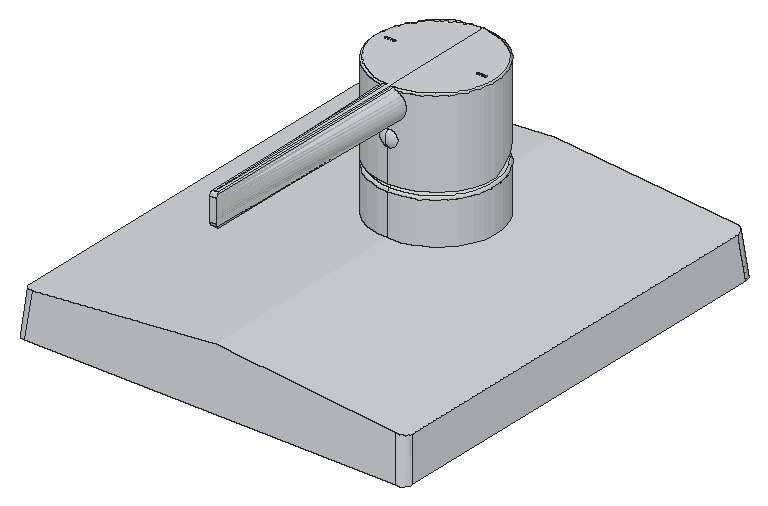
Revit family "Shower-Valve_Trim-KOHLER-STANCE-K-10317T_1", category Specialty Equipment, host Face, Revit 2017
Family settings
  Host = Face
  Round Connector Dimension = Use Diameter
  Part Type = Normal
  OmniClass Number = 23.31.25.00
  OmniClass Title = Toilet and Bath Specialties
  Cut with Voids When Loaded = No
  Shared = No
  Room Calculation Point = No
Parameters (values of type "CP-Polished Chrome")
  Width = 6 77/256"  # constant formula
  WaterSense Certified = 1 = 0  # no
  URL = "http://www.kohler.com.cn/"
  Type = 1
  Product Page URL = "https://www.kohler.com.cn/en/product/K-10317T-4-CP/K-10317T-4-CP/"
  Product Name = "STANCE"  # constant formula
  Product Documentation Link = "https://files.kohler.com.cn/pdfs/9105T.pdf"
  Model = if(Type = 1, "K-10317T-4-CP", if(Type = 2, "K-10317T-4-2BL", "NA"))  # "K-10317T-4-CP"
  Material = "Premium Metal Construction"  # constant formula
  Master Format 2014 Name = "Toilet, Bath, and Laundry Accessories"  # constant formula
  Master Format 2014 = "10 28 00"  # constant formula
  Manufacturer Address = "Kohler Beijing Office (100016) 36-2-03-B, No. 88, Liuxiang Road, Beijing"  # constant formula
  Manufacturer = "KOHLER Co."  # constant formula
  Length = 3 37/256"  # constant formula
  Height = 7 3/128"  # constant formula
  Handle Clearance = 4 125/256"  # constant formula
  Finish = Kohler-Metal-CP-Polished_Chrome
  Environmental Product Declaration = ""
  Description = "Recessed Shower Trim"  # constant formula
  Default Elevation = 42"
  Declare Label = ""
  Date Modified = "06/09/2021"  # constant formula
  Date Created = "06/09/2021"  # constant formula
  Copyright = "Copyright KOHLER Co."  # constant formula
  Contact Us = "http://www.kohler.com.cn/contact/contact-us/"
  Assembly Code = "C1030200"
  ADA Compliant = 1 = 0  # no
Types (3): name | Type | Product Page URL | Model | Finish
  (no name) | 1 | "https://www.kohler.com.cn/en/product/K-10317T-4-CP/K-10317T-4-CP/" | "K-10317T-4-CP" | Kohler-Metal-CP-Polished_Chrome
  CP-Polished Chrome | 1 | "https://www.kohler.com.cn/en/product/K-10317T-4-CP/K-10317T-4-CP/" | "K-10317T-4-CP" | Kohler-Metal-CP-Polished_Chrome
  2BL-Original Black | 2 | "https://www.kohler.com.cn/en/product/K-10317T-4-CP/K-10317T-4-2BL/" | "K-10317T-4-2BL" | Kohler-Metal-2BL-Original_Black
Reference planes (in)
  plane 1 "Center (Front/Back)": y = 0
  plane 2: z = 0
  plane 3 "Center (Left/Right)": x = 0
  plane 4: y = 3.51181
  plane 5: x = -3.14961
  plane 6: x = 3.15117
  plane 7: y = -3.51163
  plane 8: y = 1.0435
  plane 9: z = 3.14453
  plane 10: y = -3.44479
  plane 11: z = 0.94423
  plane 12: y = 2.00806
  plane 13: y = 0.07893
Dimensions and locks (in)
  "Width": plane 5 to plane 6
  "Height": plane 7 to plane 4
  "Length": level to plane 9
  "Handle Clearance": plane 8 to plane 10
  aligned and locked: plane 2 to host face
  aligned and locked: level to host face
  aligned and locked: plane 4 to nested 1
  aligned and locked: plane 5 to nested 1
  aligned and locked: plane 6 to nested 1
  aligned and locked: plane 7 to nested 1
  aligned and locked: plane 8 to nested 1
  aligned and locked: plane 9 to nested 1
  aligned and locked: plane 10 to nested 1
Automatic sketch dimensions
  host sketch curve to host sketch curve = 96"  (x2)
Nested families (in)
  nested 1: "K-10317T" at (0, 0, -0.00114), type "K-10317T"
Definition of nested family "K-10317T"
  Parameters (values of type "K-10317T")
    Material = none
  Reference planes (in)
    plane 1 "Center (Front/Back)": y = 0
    plane 2: z = 0
    plane 3 "Center (Left/Right)": x = 0
    plane 4: x = -3.14961
    plane 5: x = 3.14961
    plane 6: y = 3.51181
    plane 7: y = -3.51181
    plane 8: z = 3.14567
    plane 9: y = 1.0435
    plane 10: y = -3.44469
  Forms (in)
    SweptBlend 1, solid, material <- "Material", detail levels medium+fine
      path origin (0, 0, 0) x (0, 1, 0) y (0, 0, 1)
        loop
          line (0, 0) -> (0, 0.97089)
      profile origin (0, 0, 0) x (0, -1, 0) y (1, 0, 0)
        loop
          arc (-3.51181, -2.99213) -> (-3.46569, -3.10348) -> (-3.35433, -3.14961) r 0.15748
          line (-3.35433, -3.14961) -> (3.35433, -3.14961)
          arc (3.35433, -3.14961) -> (3.46569, -3.10348) -> (3.51181, -2.99213) r 0.15748
          line (3.51181, -2.99213) -> (3.51181, 2.99213)
          arc (3.51181, 2.99213) -> (3.46569, 3.10348) -> (3.35433, 3.14961) r 0.15748
          line (3.35433, 3.14961) -> (-3.35433, 3.14961)
          arc (-3.35433, 3.14961) -> (-3.46569, 3.10348) -> (-3.51181, 2.99213) r 0.15748
          line (-3.51181, 2.99213) -> (-3.51181, -2.99213)
      end profile origin (0, 0, 0.97089) x (0, -1, 0) y (1, 0, 0)
        loop
          line (-3.25135, -3.0585) -> (3.25031, -3.0585)
          arc (3.25031, -3.0585) -> (3.36166, -3.01237) -> (3.40779, -2.90102) r 0.15748
          line (3.40779, -2.90102) -> (3.40779, 2.90195)
          arc (3.40779, 2.90195) -> (3.36166, 3.01331) -> (3.25031, 3.05943) r 0.15748
          line (3.25031, 3.05943) -> (-3.25135, 3.05943)
          arc (-3.25135, 3.05943) -> (-3.3627, 3.01331) -> (-3.40883, 2.90195) r 0.15748
          line (-3.40883, 2.90195) -> (-3.40883, -2.90102)
          arc (-3.40883, -2.90102) -> (-3.3627, -3.01237) -> (-3.25135, -3.0585) r 0.15748
    Extrusion 2, void
      sketch origin (0, 0, 0) x (1, 0, 0) y (0, 0, 1)
        loop
          line (3.44666, 0.61168) -> (3.44666, 1.77165) -> (-3.63996, 1.77165) -> (-3.63996, 0.5728)
          arc (-3.63996, 0.5728) -> (-0.09859, 0.9451) -> (3.44666, 0.61168) r 17.96701
      from -3.87438 to 3.92553
    Revolve 3, solid, material <- "Material", detail levels medium+fine
      sketch origin (0, 0, 0) x (0, 1, 0) y (0, 0, 1)
        loop
          arc (2.00806, 1.61417) -> (1.99842, 1.64183) -> (1.97366, 1.65749) r 0.04447
          line (1.97366, 1.65749) -> (1.90887, 1.67485)
          arc (1.90887, 1.67485) -> (1.86709, 1.70258) -> (1.85052, 1.74991) r 0.07874
          arc (1.85052, 1.74991) -> (1.8243, 1.94398) -> (1.7521, 2.12602) r 0.80691
          line (1.7521, 2.12602) -> (1.0435, 2.12602) -> (1.0435, 0.55122) -> (2.00806, 0.55122) -> (2.00806, 1.61417)
        axis (1.0435, 2.12602) -> (1.0435, 0.55122)
      angle from 0 to 360
    Revolve 4, solid, material <- "Material", detail levels medium+fine
      sketch origin (0, 0, 0) x (0, 1, 0) y (0, 0, 1)
        loop
          line (1.0435, 3.14567) -> (0.10255, 3.14567)
          arc (0.10255, 3.14567) -> (0.08585, 3.13875) -> (0.07893, 3.12205) r 0.02362
          line (0.07893, 3.12205) -> (0.07893, 1.72835) -> (1.0435, 1.72835) -> (1.0435, 3.14567)
        axis (1.0435, 3.14567) -> (1.0435, 1.72835)
      angle from 0 to 360
    Extrusion 5, void
      sketch origin (0, 0, 0) x (0, 1, 0) y (0, 0, 1)
        loop
          line (2.1427, 2.21774) -> (1.0435, 1.72835) -> (2.1427, 1.72835) -> (2.1427, 2.21774)
      from -1.3047 to 1.57566
    Revolve 6, solid, material <- "Material", detail levels medium+fine
      sketch origin (0, 0, 0) x (0, 1, 0) y (0, 0, 1)
        loop
          line (0.02369, 2.39877) -> (0.14305, 2.39877) -> (0.14305, 2.57284)
          arc (0.14305, 2.57284) -> (0.05655, 2.5042) -> (0.02369, 2.39877) r 0.1875
        axis (0.02369, 2.39877) -> (0.14305, 2.39877)
      angle from 0 to 360
    SweptBlend 7, solid, material <- "Material", detail levels medium+fine
      path origin (0, 0, 0) x (0, 1, 0) y (0, 0, 1)
        loop
          line (0.19685, 3.14567) -> (-3.44469, 3.14567)
      profile origin (0, 0.19685, 3.14567) x (0, 0, -1) y (1, 0, 0)
        loop
          line (0, 0) -> (0, -0.04537)
          arc (0, -0.04537) -> (0.00129, -0.06349) -> (0.00514, -0.08125) r 0.12784
          arc (0.00514, -0.08125) -> (0.2502, -0.26477) -> (0.49498, -0.08086) r 0.25511
          arc (0.49498, -0.08086) -> (0.49874, -0.0634) -> (0.5, -0.04558) r 0.12642
          line (0.5, -0.04558) -> (0.5, 0) -> (0.5, 0.04558)
          arc (0.5, 0.04558) -> (0.49874, 0.0634) -> (0.49498, 0.08086) r 0.12642
          arc (0.49498, 0.08086) -> (0.2502, 0.26477) -> (0.00514, 0.08125) r 0.25511
          arc (0.00514, 0.08125) -> (0.00129, 0.06349) -> (0, 0.04537) r 0.12784
          line (0, 0.04537) -> (0, 0)
      end profile origin (0, -3.44469, 3.14567) x (0, 0, -1) y (1, 0, 0)
        loop
          line (0.48031, 0.055) -> (0.01969, 0.055)
          arc (0.01969, 0.055) -> (0.00577, 0.04923) -> (0, 0.03531) r 0.01969
          line (0, 0.03531) -> (0, -0.03531)
          arc (0, -0.03531) -> (0.00577, -0.04923) -> (0.01969, -0.055) r 0.01969
          line (0.01969, -0.055) -> (0.48031, -0.055)
          arc (0.48031, -0.055) -> (0.49423, -0.04923) -> (0.5, -0.03531) r 0.01969
          line (0.5, -0.03531) -> (0.5, 0.03531)
          arc (0.5, 0.03531) -> (0.49423, 0.04923) -> (0.48031, 0.055) r 0.01969
    Extrusion 8, void
      sketch origin (0, 0, 0) x (0, 1, 0) y (0, 0, 1)
        loop
          arc (-3.44469, 3.08465) -> (-3.42682, 3.1278) -> (-3.38367, 3.14567) r 0.06102
          line (-3.38367, 3.14567) -> (-3.47406, 3.14567) -> (-3.47406, 2.64567) -> (-3.38367, 2.64567)
          arc (-3.38367, 2.64567) -> (-3.42682, 2.66354) -> (-3.44469, 2.70669) r 0.06102
          line (-3.44469, 2.70669) -> (-3.44469, 3.08465)
      from -0.28579 to 0.32613
    Extrusion 9, solid, material <- "Material", detail levels coarse
      sketch origin (0, 0, 0) x (1, 0, 0) y (0, 1, 0)
        loop
          line (-3.14961, 3.51181) -> (-3.14961, -3.51181) -> (3.14961, -3.51181) -> (3.14961, 3.51181) -> (-3.14961, 3.51181)
      from 0 to 0.94454
    Revolve 10, solid, material <- "Material", detail levels coarse
      sketch origin (0, 0, 0) x (0, 1, 0) y (0, 0, 1)
        loop
          line (1.0435, 3.15182) -> (1.0435, 0.75453) -> (2.00807, 0.75453) -> (2.00807, 3.15182) -> (1.0435, 3.15182)
        axis (1.0435, 3.15182) -> (1.0435, 0.75453)
      angle from 0 to 360
    Extrusion 11, solid, material <- "Material", detail levels coarse
      sketch origin (0, 0, 0) x (1, 0, 0) y (0, 0, 1)
        loop
          arc (-0.06835, 3.14078) -> (0, 2.64472) -> (0.06835, 3.14078) r 0.25274
          arc (0.06835, 3.14078) -> (0.05077, 3.14444) -> (0.03285, 3.14567) r 0.13126
          line (0.03285, 3.14567) -> (-0.03285, 3.14567)
          arc (-0.03285, 3.14567) -> (-0.05077, 3.14444) -> (-0.06835, 3.14078) r 0.13126
      from -0.21491 to 3.44469
    Extrusion 12, void
      sketch origin (0, 0, 0) x (1, 0, 0) y (0, 1, 0)
        loop
          arc (-0.80244, 1.05649) -> (-0.81543, 1.0435) -> (-0.80244, 1.0305) r 0.01299
          line (-0.80244, 1.0305) -> (-0.67345, 1.0305)
          arc (-0.67345, 1.0305) -> (-0.66046, 1.0435) -> (-0.67345, 1.05649) r 0.01299
          line (-0.67345, 1.05649) -> (-0.80244, 1.05649)
        loop
          line (0.80244, 1.05649) -> (0.67345, 1.05649)
          arc (0.67345, 1.05649) -> (0.66046, 1.0435) -> (0.67345, 1.0305) r 0.01299
          line (0.67345, 1.0305) -> (0.80244, 1.0305)
          arc (0.80244, 1.0305) -> (0.81543, 1.0435) -> (0.80244, 1.05649) r 0.01299
      from 3.04683 to 9.84252
    Extrusion 13, solid, detail levels medium+fine
      sketch origin (0, 0, 0) x (1, 0, 0) y (0, 1, 0)
        loop
          arc (0.80244, 1.0305) -> (0.81543, 1.0435) -> (0.80244, 1.05649) r 0.01299
          line (0.80244, 1.05649) -> (0.67345, 1.05649)
          arc (0.67345, 1.05649) -> (0.66046, 1.0435) -> (0.67345, 1.0305) r 0.01299
          line (0.67345, 1.0305) -> (0.80244, 1.0305)
      from 3.04683 to 3.14567
    Extrusion 14, solid, detail levels medium+fine
      sketch origin (0, 0, 0) x (1, 0, 0) y (0, 1, 0)
        loop
          arc (-0.67345, 1.0305) -> (-0.66046, 1.0435) -> (-0.67345, 1.05649) r 0.01299
          line (-0.67345, 1.05649) -> (-0.80244, 1.05649)
          arc (-0.80244, 1.05649) -> (-0.81543, 1.0435) -> (-0.80244, 1.0305) r 0.01299
          line (-0.80244, 1.0305) -> (-0.67345, 1.0305)
      from 3.04683 to 3.14567
  Cuts and joins
    Extrusion 2 cuts SweptBlend 1
    Extrusion 5, Extrusion 12 cuts Revolve 4
    Extrusion 8 cuts SweptBlend 7
    joined: SweptBlend 1, Revolve 3, Revolve 4, Revolve 6, SweptBlend 7
    joined: Extrusion 9, Revolve 10
  Lines and regions (in)
    Masking region 1
      outline origin (0, 0, 0) x (1, 0, 0) y (0, 1, 0)
        loop
          arc (-2.99213, 3.51181) -> (-3.10348, 3.46569) -> (-3.14961, 3.35433) r 0.15748
          line (-3.14961, 3.35433) -> (-3.14961, -3.35433)
          arc (-3.14961, -3.35433) -> (-3.10348, -3.46569) -> (-2.99213, -3.51181) r 0.15748
          line (-2.99213, -3.51181) -> (2.99213, -3.51181)
          arc (2.99213, -3.51181) -> (3.10348, -3.46569) -> (3.14961, -3.35433) r 0.15748
          line (3.14961, -3.35433) -> (3.14961, 3.35433)
          arc (3.14961, 3.35433) -> (3.10348, 3.46569) -> (2.99213, 3.51181) r 0.15748
          line (2.99213, 3.51181) -> (-2.99213, 3.51181)
    Masking region 2
      outline origin (0, 0, 0) x (1, 0, 0) y (0, 0, 1)
        loop
          arc (0, 3.14567) -> (-0.48288, 3.13454) -> (-0.96457, 3.09892) r 9.51304
          line (-0.96457, 3.09892) -> (-0.96457, 1.72835) -> (-0.81032, 1.72835)
          arc (-0.81032, 1.72835) -> (-0.83074, 1.69429) -> (-0.86538, 1.67485) r 0.07739
          line (-0.86538, 1.67485) -> (-0.93225, 1.65693)
          arc (-0.93225, 1.65693) -> (-0.95556, 1.64135) -> (-0.96457, 1.61481) r 0.0436
          line (-0.96457, 1.61481) -> (-0.96457, 0.91946)
          arc (-0.96457, 0.91946) -> (-2.02202, 0.83123) -> (-3.07241, 0.68073) r 17.96701
          arc (-3.07241, 0.68073) -> (-3.08577, 0.67343) -> (-3.09191, 0.65951) r 0.02362
          line (-3.09191, 0.65951) -> (-3.14961, 0) -> (0, 0) -> (3.14961, 0) -> (3.09191, 0.65951)
          arc (3.09191, 0.65951) -> (3.08577, 0.67343) -> (3.07241, 0.68073) r 0.02362
          arc (3.07241, 0.68073) -> (2.02202, 0.83123) -> (0.96457, 0.91946) r 17.96701
          line (0.96457, 0.91946) -> (0.96457, 1.61481)
          arc (0.96457, 1.61481) -> (0.95556, 1.64135) -> (0.93225, 1.65693) r 0.0436
          line (0.93225, 1.65693) -> (0.86538, 1.67485)
          arc (0.86538, 1.67485) -> (0.83074, 1.69429) -> (0.81032, 1.72835) r 0.07739
          line (0.81032, 1.72835) -> (0.96457, 1.72835) -> (0.96457, 3.09892)
          arc (0.96457, 3.09892) -> (0.48288, 3.13454) -> (0, 3.14567) r 9.51304
    Masking region 3
      outline origin (0, 0, 0) x (0, 1, 0) y (0, 0, 1)
        loop
          arc (2.00806, 1.61417) -> (1.99842, 1.64183) -> (1.97366, 1.65749) r 0.04447
          line (1.97366, 1.65749) -> (1.90887, 1.67485)
          arc (1.90887, 1.67485) -> (1.86709, 1.70258) -> (1.85052, 1.74991) r 0.07874
          arc (1.85052, 1.74991) -> (1.83296, 1.90742) -> (1.78496, 2.05847) r 0.80691
          line (1.78496, 2.05847) -> (2.00806, 2.1578) -> (2.00806, 3.1255)
          arc (2.00806, 3.1255) -> (2.00216, 3.13976) -> (1.98789, 3.14567) r 0.02017
          line (1.98789, 3.14567) -> (-3.38367, 3.14567)
          arc (-3.38367, 3.14567) -> (-3.42682, 3.1278) -> (-3.44469, 3.08465) r 0.06102
          line (-3.44469, 3.08465) -> (-3.44469, 2.70669)
          arc (-3.44469, 2.70669) -> (-3.42682, 2.66354) -> (-3.38367, 2.64567) r 0.06102
          line (-3.38367, 2.64567) -> (0.00236, 2.64567)
          arc (0.00236, 2.64567) -> (0.0565, 2.62324) -> (0.07893, 2.5691) r 0.07657
          line (0.07893, 2.5691) -> (0.07893, 2.53106)
          arc (0.07893, 2.53106) -> (0.02362, 2.39877) -> (0.07893, 2.26649) r 0.18584
          line (0.07893, 2.26649) -> (0.07893, 1.72835) -> (0.23318, 1.72835)
          arc (0.23318, 1.72835) -> (0.21261, 1.69443) -> (0.17812, 1.67485) r 0.07874
          line (0.17812, 1.67485) -> (0.11333, 1.65749)
          arc (0.11333, 1.65749) -> (0.08858, 1.64183) -> (0.07893, 1.61417) r 0.04447
          line (0.07893, 1.61417) -> (0.07893, 0.94488) -> (-3.4095, 0.94488)
          arc (-3.4095, 0.94488) -> (-3.42398, 0.93925) -> (-3.43086, 0.92531) r 0.02144
          line (-3.43086, 0.92531) -> (-3.51181, 0) -> (3.51181, 0) -> (3.43081, 0.92589)
          arc (3.43081, 0.92589) -> (3.42413, 0.93941) -> (3.41007, 0.94488) r 0.02081
          line (3.41007, 0.94488) -> (2.00806, 0.94488) -> (2.00806, 1.61417)
    symbolic lines, detail levels medium+fine
      curve 1: line (-3.09164, 3.29431, 0) -> (-3.09164, -3.29431, 0)
      curve 2: line (3.09164, 3.29431, 0) -> (3.09164, -3.29431, 0)
      curve 3: arc (-2.93188, 3.45177, 0) -> (0, 3.43057, 0) -> (2.93188, 3.45177, 0) r 202.72732
      curve 4: arc (-2.93188, -3.45177, 0) -> (-1.49325, -3.43607, 0) -> (-0.05455, -3.43058, 0) r 202.72732
      curve 5: arc (-2.93188, 3.45177, 0) -> (-3.04471, 3.40646, 0) -> (-3.09164, 3.29431, 0) r 0.15748
      curve 6: arc (2.93188, 3.45177, 0) -> (3.04471, 3.40646, 0) -> (3.09164, 3.29431, 0) r 0.15748
      curve 7: arc (2.93188, -3.45177, 0) -> (3.04471, -3.40646, 0) -> (3.09164, -3.29431, 0) r 0.15748
      curve 8: arc (-3.09164, -3.29431, 0) -> (-3.04471, -3.40646, 0) -> (-2.93188, -3.45177, 0) r 0.15748
      curve 9: arc (-2.9422, -3.4319, 0) -> (-1.4987, -3.41609, 0) -> (-0.05512, -3.41056, 0) r 202.74734
      curve 10: arc (2.92676, -3.43167, 0) -> (3.03112, -3.3955, 0) -> (3.0754, -3.29431, 0) r 0.1378
      curve 11: line (3.0754, 3.29431, 0) -> (3.0754, -3.29431, 0)
      curve 12: arc (2.93561, 3.43209, 0) -> (3.03433, 3.39244, 0) -> (3.0754, 3.29431, 0) r 0.1378
      curve 13: arc (-2.92873, 3.43209, 0) -> (0.00344, 3.41088, 0) -> (2.93561, 3.43209, 0) r 202.74701
      curve 14: arc (-2.92873, 3.43209, 0) -> (-3.02745, 3.39244, 0) -> (-3.06852, 3.29431, 0) r 0.1378
      curve 15: line (-3.06852, 3.29431, 0) -> (-3.06852, -3.29458, 0)
      curve 16: arc (-3.06852, -3.29458, 0) -> (-3.03214, -3.38787, 0) -> (-2.9422, -3.4319, 0) r 0.1378
      curve 17: line (-2.9327, -3.45178, 0) -> (-2.99273, -3.51181, 0)
      curve 18: line (-3.09164, -3.29697, 0) -> (-3.14961, -3.35493, 0)
      curve 19: line (-3.14961, 3.35493, 0) -> (-3.09164, 3.29696, 0)
      curve 20: line (-2.99273, 3.51181, 0) -> (-2.9327, 3.45178, 0)
      curve 21: line (3.14961, 3.35493, 0) -> (3.09164, 3.29696, 0)
      curve 22: line (2.99273, 3.51181, 0) -> (2.9327, 3.45178, 0)
      curve 23: line (2.99273, -3.51181, 0) -> (2.9327, -3.45178, 0)
      curve 24: line (3.09164, -3.29697, 0) -> (3.14961, -3.35493, 0)
      curve 25: arc (-0.21349, 0.10285, 0) -> (-0.95857, 1.15091, 0) -> (0, 2.00806, 0) r 0.96457
      curve 26: arc (0, 2.00806, 0) -> (0.95857, 1.15091, 0) -> (0.21349, 0.10285, 0) r 0.96457
      curve 27: arc (0.26408, 0.08414, 0) -> (0, 2.03854, 0) -> (-0.26408, 0.08414, 0) r 0.99504
      curve 28: line (-0.03531, -3.38564, 0) -> (0.03531, -3.38564, 0)
      curve 29: line (-0.03531, -3.44469, 0) -> (-0.03531, 0, 0)
      curve 30: arc (-0.03531, 0, 0) -> (-0.11899, 0.07643, 0) -> (-0.2212, 0.12538, 0) r 0.38742
      curve 31: line (-0.05512, -3.42858, 0) -> (-0.05512, 0, 0)
      curve 32: arc (-0.05512, 0, 0) -> (-0.12766, 0.06166, 0) -> (-0.21349, 0.10285, 0) r 0.37144
      curve 33: line (0, -0.05887, 0) -> (-0.05512, -0.05887, 0)
      curve 34: arc (0.2212, 0.12538, 0) -> (0, 1.98788, 0) -> (-0.2212, 0.12538, 0) r 0.94438
      curve 35: arc (-0.31261, 0.13099, 0) -> (-0.27285, 0.10113, 0) -> (-0.25944, 0.05325, 0) r 0.07743
      curve 36: arc (-0.25944, 0.05325, 0) -> (-0.21568, -0.6633, 0) -> (-0.16301, -1.37924, 0) r 57.6726
      curve 37: arc (-0.16301, -1.37924, 0) -> (-0.10175, -2.3518, 0) -> (-0.05512, -3.32518, 0) r 64.77325
      curve 38: arc (-0.03531, -3.38564, 0) -> (-0.04993, -3.40489, 0) -> (-0.05512, -3.4285, 0) r 0.05629
      curve 39: line (-0.039, -3.44469, 0) -> (0, -3.44469, 0)
      curve 40: arc (-0.039, -3.44469, 0) -> (-0.0504, -3.43997, 0) -> (-0.05512, -3.42858, 0) r 0.01611
      curve 41: arc (0.05512, -3.41056, 0) -> (1.49097, -3.41603, 0) -> (2.92676, -3.43167, 0) r 202.74734
      curve 42: arc (0.05477, -3.43058, 0) -> (1.49337, -3.43607, 0) -> (2.93188, -3.45177, 0) r 202.72732
      curve 43: arc (-0.25944, 0.05325, 0) -> (-0.16029, 0.021, 0) -> (-0.05764, 0.00275, 0) r 0.75284
      curve 44: line (0.03531, -3.38564, 0) -> (-0.03531, -3.38564, 0)
      curve 45: line (0.03531, -3.44469, 0) -> (0.03531, 0, 0)
      curve 46: arc (0.03531, 0, 0) -> (0.11899, 0.07643, 0) -> (0.2212, 0.12538, 0) r 0.38742
      curve 47: line (0.05512, -3.42713, 0) -> (0.05512, 0, 0)
      curve 48: arc (0.05512, 0, 0) -> (0.12766, 0.06166, 0) -> (0.21349, 0.10285, 0) r 0.37144
      curve 49: line (0, -0.05887, 0) -> (0.05512, -0.05887, 0)
      curve 50: arc (0.31261, 0.13099, 0) -> (0.27285, 0.10113, 0) -> (0.25944, 0.05325, 0) r 0.07743
      curve 51: arc (0.25944, 0.05325, 0) -> (0.21568, -0.6633, 0) -> (0.16301, -1.37924, 0) r 57.6726
      curve 52: arc (0.16301, -1.37924, 0) -> (0.10175, -2.3518, 0) -> (0.05512, -3.32518, 0) r 64.77325
      curve 53: arc (0.03531, -3.38564, 0) -> (0.04965, -3.4043, 0) -> (0.0551, -3.42718, 0) r 0.05629
      curve 54: line (0.03755, -3.44469, 0) -> (0, -3.44469, 0)
      curve 55: arc (0.25944, 0.05325, 0) -> (0.16029, 0.021, 0) -> (0.05764, 0.00275, 0) r 0.75284
      curve 56: arc (0.05512, -3.42713, 0) -> (0.04997, -3.43955, 0) -> (0.03755, -3.44469, 0) r 0.01757
      curve 57: arc (0.96462, 0, 3.08115) -> (0.48284, 0, 3.1149) -> (0, 0, 3.126) r 10.2834
      curve 58: spline (0.96457, 0, 1.72835) -> (0.9317, 0, 1.83958) -> (0.83534, 0, 1.94324) -> (0.68205, 0, 2.03225) -> (0.48228, 0, 2.10055) -> (0.24965, 0, 2.14349) -> (0, 0, 2.15813) -> (-0.24965, 0, 2.14349) -> (-0.48228, 0, 2.10055) -> (-0.68205, 0, 2.03225) -> (-0.83534, 0, 1.94324) -> (-0.9317, 0, 1.83958) -> (-0.96457, 0, 1.72835)
      curve 59: spline (0.91339, 0, 1.72835) -> (0.88226, 0, 1.8245) -> (0.79102, 0, 1.9141) -> (0.64586, 0, 1.99104) -> (0.45669, 0, 2.05008) -> (0.2364, 0, 2.08719) -> (0, 0, 2.09985) -> (-0.2364, 0, 2.08719) -> (-0.45669, 0, 2.05008) -> (-0.64586, 0, 1.99104) -> (-0.79102, 0, 1.9141) -> (-0.88226, 0, 1.8245) -> (-0.91339, 0, 1.72835)
      curve 60: arc (0.7876, 0, 1.91587) -> (0.80238, 0, 1.82252) -> (0.81032, 0, 1.72835) r 1.29608
      curve 61: line (0.80912, 0, 1.74968) -> (0, 0, 1.74968)
      curve 62: line (0.87122, 0, 1.67485) -> (-0.00013, 0, 1.67485)
      curve 63: line (0.93016, 0, 1.65749) -> (0, 0, 1.65749)
      curve 64: line (0.96457, 0, 1.60236) -> (0, 0, 1.60236)
      curve 65: arc (0.96457, 0, 0.91946) -> (0.48246, 0, 0.93889) -> (0, 0, 0.94537) r 17.96701
      curve 66: arc (1.03603, 0, 0.9133) -> (0.51814, 0, 0.92954) -> (0, 0, 0.92684) r 14.16638
      curve 67: line (2.99273, 0, 0) -> (2.93142, 0, 0.70066)
      curve 68: arc (-0.96462, 0, 3.08115) -> (-0.48284, 0, 3.1149) -> (0, 0, 3.126) r 10.2834
      curve 69: arc (-0.7876, 0, 1.91587) -> (-0.80238, 0, 1.82252) -> (-0.81032, 0, 1.72835) r 1.29608
      curve 70: line (-0.80912, 0, 1.74968) -> (0, 0, 1.74968)
      curve 71: line (-0.87122, 0, 1.67485) -> (-0.00013, 0, 1.67485)
      curve 72: line (-0.93016, 0, 1.65749) -> (0, 0, 1.65749)
      curve 73: line (-0.96457, 0, 1.60236) -> (0, 0, 1.60236)
      curve 74: arc (-0.96457, 0, 0.91946) -> (-0.48246, 0, 0.93889) -> (0, 0, 0.94537) r 17.96701
      curve 75: line (-2.99273, 0, 0) -> (-2.93142, 0, 0.70071)
      curve 76: line (0, 2.00806, 2.1578) -> (0, 1.0435, 1.72835)
      curve 77: line (0, 0.11333, 1.65749) -> (0, 1.97366, 1.65749)
      curve 78: line (0, 1.91491, 1.67323) -> (0, 0.17208, 1.67323)
      curve 79: line (0, 0.07893, 0.94537) -> (0, 2.00806, 0.94537)
      curve 80: line (0, -3.28859, 0.68021) -> (0, 3.2974, 0.68021)
      curve 81: spline (0, 3.43154, 0.69953) -> (0, 3.42676, 0.69703) -> (0, 3.42052, 0.69463) -> (0, 3.41287, 0.69234) -> (0, 3.40389, 0.69019) -> (0, 3.39368, 0.68821) -> (0, 3.38233, 0.6864) -> (0, 3.36996, 0.68479) -> (0, 3.35669, 0.6834) -> (0, 3.34266, 0.68223) -> (0, 3.328, 0.68131) -> (0, 3.31287, 0.68063) -> (0, 3.2974, 0.68021)
      curve 82: spline (0, -3.43149, 0.70011) -> (0, -3.42668, 0.69745) -> (0, -3.42022, 0.6949) -> (0, -3.41218, 0.69247) -> (0, -3.40265, 0.6902) -> (0, -3.39175, 0.68811) -> (0, -3.37958, 0.68623) -> (0, -3.3663, 0.68457) -> (0, -3.35204, 0.68316) -> (0, -3.33697, 0.682) -> (0, -3.32125, 0.68112) -> (0, -3.30506, 0.68052) -> (0, -3.28859, 0.68021)
      curve 83: line (0, -3.29697, 0.66253) -> (0, -3.35493, 0)
      curve 84: line (0, 3.35493, 0) -> (0, 3.29702, 0.66193)
      curve 85: line (0, 1.0435, 1.72835) -> (0, 0.23318, 1.72835)
      curve 86: line (0, 1.85052, 1.74991) -> (0, 1.09193, 1.74991)
      curve 87: arc (0, 0.07893, 2.53106) -> (0, 0.09971, 2.39877) -> (0, 0.07893, 2.26649) r 0.43151
      curve 88: line (0, 3.41007, 0.94488) -> (0, 3.43154, 0.69953)
      curve 89: line (0, 3.45199, 0.68371) -> (0, 3.29702, 0.66193)
      curve 90: arc (0, 3.45199, 0.68371) -> (0, 3.44535, 0.69935) -> (0, 3.43079, 0.7081) r 0.02753
      curve 91: line (0, -3.2719, 0.66253) -> (0, 3.2974, 0.66253)
      curve 92: line (0, -3.45039, 0.70204) -> (0, -3.2719, 0.66253)
      curve 93: arc (0, -3.45199, 0.68371) -> (0, -3.44535, 0.69935) -> (0, -3.43079, 0.7081) r 0.02753
      curve 94: arc (0, 0, 3.14567) -> (0, 0.05296, 2.89567) -> (0, 0, 2.64567) r 0.61654
      curve 95: arc (0, 0.07893, 2.56377) -> (0, 0.12995, 2.84302) -> (0, 0.10523, 3.12582) r 1.06278
      curve 96: arc (0, 2.0061, 3.12582) -> (0, 1.05566, 3.08021) -> (0, 0.10523, 3.12582) r 9.92659
      curve 97: arc (0, 1.98662, 3.14553) -> (0, 1.04461, 3.10084) -> (0, 0.10261, 3.14553) r 9.9502
      curve 98: arc (0, 0.10523, 3.12582) -> (0, 0.05327, 3.13922) -> (0, 0, 3.14567) r 0.40655
      curve 99: arc (0, 0.10523, 3.12582) -> (0, 0.11601, 3.14066) -> (0, 0.13425, 3.14257) r 0.02255
      curve 100: line (0, 2.00806, 1.61417) -> (0, 0.07893, 1.61417)
      curve 101: line (0, -3.41007, 0.94488) -> (0, -3.43149, 0.70011)
      curve 102: line (0, -3.35021, 3.14567) -> (0, -3.35021, 2.64566)
      curve 103: line (-0.80244, 1.0305, 0) -> (-0.67345, 1.0305, 0)
      curve 104: line (-0.67345, 1.05649, 0) -> (-0.80244, 1.05649, 0)
      curve 105: arc (-0.67345, 1.0305, 0) -> (-0.66046, 1.0435, 0) -> (-0.67345, 1.05649, 0) r 0.01299
      curve 106: arc (-0.80244, 1.05649, 0) -> (-0.81543, 1.0435, 0) -> (-0.80244, 1.0305, 0) r 0.01299
      curve 107: line (0.67345, 1.0305, 0) -> (0.80244, 1.0305, 0)
      curve 108: line (0.80244, 1.05649, 0) -> (0.67345, 1.05649, 0)
      curve 109: arc (0.67345, 1.05649, 0) -> (0.66046, 1.0435, 0) -> (0.67345, 1.0305, 0) r 0.01299
      curve 110: arc (0.80244, 1.0305, 0) -> (0.81543, 1.0435, 0) -> (0.80244, 1.05649, 0) r 0.01299
      curve 111: arc (-1.03603, 0, 0.9133) -> (-0.51814, 0, 0.92954) -> (0, 0, 0.92684) r 14.16638
  Dimensions and locks (in)
    aligned and locked: plane 2 to level
